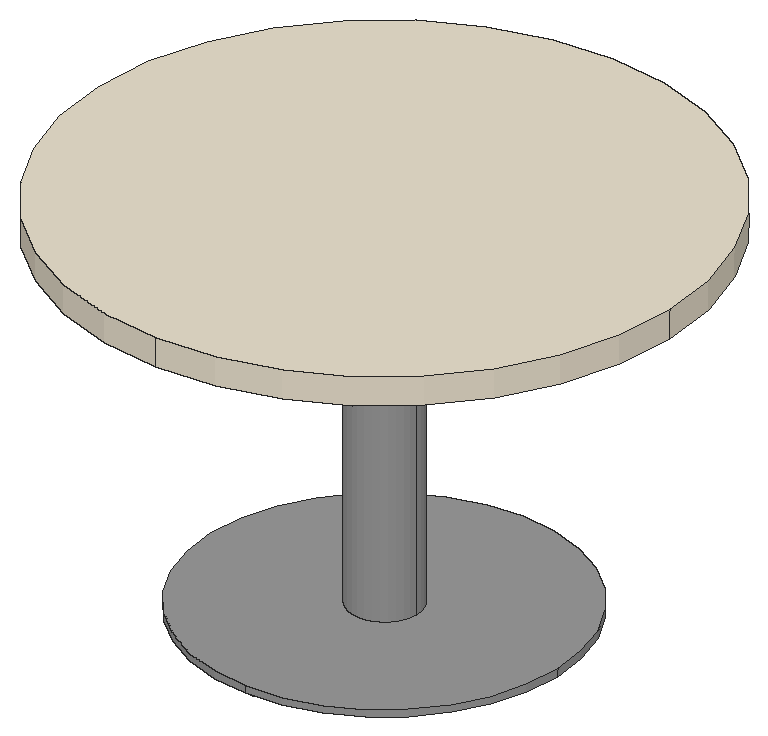
Revit family "FU_Table_Sandler_577B-XT", category Furniture, Revit 2020
Family settings
  OmniClass Number = 23.40.20.00
  OmniClass Title = General Furniture and Specialties
  Work Plane-Based = No
  Always vertical = Yes
  Cut with Voids When Loaded = No
  Shared = No
  Room Calculation Point = No
Parameters (values of type "577B XT - 28" Round Top (70cm)")
  Width = 425 mm
  URL = "https://www.sandlerseating.com/product/art-577b-xt/"
  Top Type = FU_TableTops_MT Rnd : 28" Round (70cm)
  Top Elevation = Height  # 425 mm
  Top Finish [instance] = Wood - Beech - Grey Stained
  Model = "577B XT"
  Manufacturer = "Sandler"
  Height = 425 mm
  Frame Finish [instance] = Metal - Steel - Matt-Satin
  Description = "Table base in stainless steel."
  Depth = Width  # 425 mm
  Default Elevation = 0 mm
Types (4, lengths in mm): name | Top Type | Top Finish | Frame Finish
  (no name) | FU_TableTops_MT Rnd : 28" Round (70cm) | Wood - Beech - Grey Stained | Metal - Steel - Matt-Satin
  577B XT - 24" Round Top (60cm) | FU_TableTops_MT Rnd : 24" Round (60cm) | Wood - Beech - Dark Brown Stained | Metal - Steel - Matt-Satin
  577B XT - 28" Round Top (70cm) | FU_TableTops_MT Rnd : 28" Round (70cm) | Wood - Beech - Grey Stained | Metal - Steel - Matt-Satin
  577B XT - 24" Square Top (60cm) | FU_TableTops_MT Sqr : 24" Square (60cm) | Wood - Beech - Chestnut Stained | Metal - Steel - Polished
Reference planes
  plane 1 "Center (Front/Back)": y = 0
  plane 2: z = 0
  plane 3 "Center (Left/Right)": x = 0
  plane 4 "Right": x = -212.5
  plane 5 "Left": x = 212.5
  plane 6 "Back": y = 212.5
  plane 7 "Front": y = -212.5
  plane 8 "Height": z = 425
  plane 9 "Top Support": z = 405
  plane 10 "Glide Height": z = 6
  plane 11 "Base height": z = 14
  plane 12 "R Pad C": x = -196.5
  plane 13 "B Pad C": y = 196.5
  plane 14 "L Pad C": x = 196.5
  plane 15 "F Pad C": y = -196.5
Forms (mm)
  Extrusion 1, solid, material "Metal - Steel - Matt-Satin" <- "Frame Finish"
    sketch origin (0, 0, 6) x (-1, 0, 0) y (0, -1, 0)
      loop
        arc (212.5, 0) -> (150.26, 150.26) -> (0, 212.5) r 212.5
        arc (0, 212.5) -> (-150.26, 150.26) -> (-212.5, 0) r 212.5
        arc (-212.5, 0) -> (-150.26, -150.26) -> (0, -212.5) r 212.5
        arc (0, -212.5) -> (150.26, -150.26) -> (212.5, 0) r 212.5
    from 0 to 8
  Revolve 2, solid, material "Rubber, Black"
    sketch origin (0, 0, 0) x (1, 0, 0) y (0, 0, 1)
      loop
        line (-196.5, 0) -> (-196.5, 6) -> (-204.5, 6) -> (-204.5, 2)
        arc (-204.5, 2) -> (-203.914, 0.586) -> (-202.5, 0) r 2
        line (-202.5, 0) -> (-196.5, 0)
      axis (-196.5, 6) -> (-196.5, 0)
    angle from 0 to 360
  Revolve 3, solid, material "Rubber, Black"
    sketch origin (0, 0, 0) x (-1, 0, 0) y (0, 0, 1)
      loop
        line (-196.5, 0) -> (-196.5, 6) -> (-204.5, 6) -> (-204.5, 2)
        arc (-204.5, 2) -> (-203.914, 0.586) -> (-202.5, 0) r 2
        line (-202.5, 0) -> (-196.5, 0)
      axis (-196.5, 6) -> (-196.5, 0)
    angle from 0 to 360
  Revolve 4, solid, material "Rubber, Black"
    sketch origin (0, 0, 0) x (0, 1, 0) y (0, 0, 1)
      loop
        line (-196.5, 6) -> (-204.5, 6) -> (-204.5, 2)
        arc (-204.5, 2) -> (-203.914, 0.586) -> (-202.5, 0) r 2
        line (-202.5, 0) -> (-196.5, 0) -> (-196.5, 6)
      axis (-196.5, 6) -> (-196.5, 0)
    angle from 0 to 360
  Revolve 5, solid, material "Rubber, Black"
    sketch origin (0, 0, 0) x (0, -1, 0) y (0, 0, 1)
      loop
        line (-196.5, 6) -> (-204.5, 6) -> (-204.5, 2)
        arc (-204.5, 2) -> (-203.914, 0.586) -> (-202.5, 0) r 2
        line (-202.5, 0) -> (-196.5, 0) -> (-196.5, 6)
      axis (-196.5, 6) -> (-196.5, 0)
    angle from 0 to 360
  Extrusion 6, solid, material "Metal - Steel - Matt-Satin" <- "Frame Finish"
    sketch origin (0, 0, 6) x (-1, 0, 0) y (0, -1, 0)
      loop
        circle (0, 0) r 40
    from 0 to 399
Dimensions and locks
  equal spacing: plane 4 "Right", plane 3 "Center (Left/Right)", plane 5 "Left"
  "Width": plane 4 "Right" to plane 5 "Left"
  equal spacing: plane 6 "Back", plane 1 "Center (Front/Back)", plane 7 "Front"
  "Depth": plane 6 "Back" to plane 7 "Front"
  "Height": plane 8 "Height" to level
  locked: plane 8 "Height" to plane 9 "Top Support" at 20
  locked: plane 4 "Right" to plane 12 "R Pad C" at 16
  plane 14 "L Pad C" to plane 5 "Left" = 16 mm
  locked: plane 6 "Back" to plane 13 "B Pad C" at 16
  locked: plane 15 "F Pad C" to plane 7 "Front" at 16
  aligned and locked: level to plane 2
  aligned and locked: plane 11 "Base height" to Extrusion 1
  aligned and locked: Extrusion 1 to plane 11 "Base height"  (x3)
  aligned and locked: plane 8 "Height" to nested 1
  aligned and locked: Extrusion 6 to plane 10 "Glide Height"
  aligned and locked: plane 9 "Top Support" to Extrusion 6
Automatic sketch dimensions
  Extrusion 1 sketch curve to Extrusion 1 sketch curve = 0 mm  (x12)
  plane 1 "Center (Front/Back)" to Extrusion 1 sketch curve = 0 mm
  Extrusion 1 sketch curve to plane 5 "Left" = 0 mm
  Extrusion 1 sketch curve to plane 3 "Center (Left/Right)" = 0 mm  (x3)
  Revolve 2 sketch curve to plane 10 "Glide Height" = 0 mm
  Revolve 2 sketch curve to level = 0 mm
  plane 12 "R Pad C" to Revolve 2 sketch curve = 0 mm  (x2)
  Revolve 2 sketch curve to Revolve 2 sketch curve = 6 mm
  Revolve 2 sketch curve to Revolve 2 sketch curve = 2 mm
  Revolve 2 sketch curve to level = 10.049 mm
  Revolve 2 sketch curve to plane 11 "Base height" = 2.095 mm
  Revolve 3 sketch curve to plane 10 "Glide Height" = 0 mm
  Revolve 3 sketch curve to level = 0 mm
  Revolve 3 sketch curve to plane 14 "L Pad C" = 0 mm  (x2)
  Revolve 3 sketch curve to Revolve 3 sketch curve = 6 mm
  Revolve 3 sketch curve to Revolve 3 sketch curve = 2 mm
  level to Revolve 3 sketch curve = 10.049 mm
  plane 11 "Base height" to Revolve 3 sketch curve = 2.095 mm
  Revolve 4 sketch curve to plane 10 "Glide Height" = 0 mm
  Revolve 4 sketch curve to level = 0 mm
  Revolve 4 sketch curve to plane 15 "F Pad C" = 0 mm  (x2)
  level to Revolve 4 sketch curve = 2 mm
  plane 15 "F Pad C" to Revolve 4 sketch curve = 6 mm
  Revolve 4 sketch curve to level = 5.787 mm
  Revolve 4 sketch curve to plane 11 "Base height" = 1.201 mm
  Revolve 5 sketch curve to plane 10 "Glide Height" = 0 mm
  Revolve 5 sketch curve to level = 0 mm
  Revolve 5 sketch curve to plane 13 "B Pad C" = 0 mm  (x2)
  Revolve 5 sketch curve to level = 2 mm
  Revolve 5 sketch curve to plane 13 "B Pad C" = 6 mm
  Revolve 5 sketch curve to Revolve 5 sketch curve = 5.787 mm
  plane 11 "Base height" to Revolve 5 sketch curve = 1.201 mm
  plane 1 "Center (Front/Back)" to Extrusion 6 sketch curve = 0 mm
  Extrusion 6 sketch curve to plane 3 "Center (Left/Right)" = 0 mm
  radius of Extrusion 6 sketch curve = 40 mm
Nested families
  nested 1: "MT Top Support" at (0, 0, -295), Frame Finish <- "Frame Finish", type "MT Top Support"
    with Frame Finish Metal - Steel - Matt-Satin
  nested 2: "FU_TableTops_MT Rnd" at (0, 0, 0), Top Elevation <- "Top Elevation", Top Finish <- "Top Finish", type <- "Top Type", type "28" Round (70cm)"
    with Top Finish Wood - Beech - Grey Stained, Top Elevation 425 mm
Definition of nested family "MT Top Support"
  Parameters (values of type "MT Top Support")
    Frame Finish [instance] = none
    Default Elevation = 0 mm
  Reference planes
    plane 1 "Center (Front/Back)": y = 0
    plane 2: z = 0
    plane 3 "Center (Left/Right)": x = 0
    plane 4 "Right": x = -210
    plane 5 "Left": x = 210
    plane 6 "Back": y = 210
    plane 7 "Front": y = -210
    plane 8 "Height": z = 720
    plane 9: z = 700
  Forms (mm)
    Extrusion 1, solid, material <- "Frame Finish"
      sketch origin (0, 0, 700) x (-1, 0, 0) y (0, -1, 0)
        loop
          line (48, 44.024) -> (119.736, 115.76)
          arc (119.736, 115.76) -> (116.918, 118.6) -> (114.032, 121.37) r 166.741
          line (114.032, 121.37) -> (40.38, 47.718) -> (-40.38, 47.718) -> (-114.032, 121.37)
          arc (-114.032, 121.37) -> (-116.918, 118.6) -> (-119.736, 115.76) r 166.741
          line (-119.736, 115.76) -> (-48, 44.024) -> (-48, -44.024) -> (-120.014, -116.038)
          arc (-120.014, -116.038) -> (-117.202, -118.884) -> (-114.323, -121.661) r 166.741
          line (-114.323, -121.661) -> (-40.944, -48.282) -> (40.944, -48.282) -> (114.323, -121.661)
          arc (114.323, -121.661) -> (117.202, -118.884) -> (120.014, -116.038) r 166.741
          line (120.014, -116.038) -> (48, -44.024) -> (48, 44.024)
      from 0 to 15
    Extrusion 2, solid, material <- "Frame Finish"
      sketch origin (0, 0, 720) x (-1, 0, 0) y (0, -1, 0)
        loop
          arc (48, 9.198) -> (50.194, 20.46) -> (56.455, 30.074) r 30
          line (56.455, 30.074) -> (155.027, 131.809)
          arc (155.027, 131.809) -> (157.282, 137.439) -> (154.939, 143.033) r 8
          line (154.939, 143.033) -> (142.122, 155.85)
          arc (142.122, 155.85) -> (136.465, 158.193) -> (130.808, 155.85) r 8
          line (130.808, 155.85) -> (32.027, 57.069)
          arc (32.027, 57.069) -> (22.294, 50.566) -> (10.814, 48.282) r 30
          line (10.814, 48.282) -> (-10.814, 48.282)
          arc (-10.814, 48.282) -> (-22.294, 50.566) -> (-32.027, 57.069) r 30
          line (-32.027, 57.069) -> (-130.808, 155.85)
          arc (-130.808, 155.85) -> (-136.465, 158.193) -> (-142.122, 155.85) r 8
          line (-142.122, 155.85) -> (-154.939, 143.033)
          arc (-154.939, 143.033) -> (-157.282, 137.439) -> (-155.027, 131.809) r 8
          line (-155.027, 131.809) -> (-56.455, 30.074)
          arc (-56.455, 30.074) -> (-50.194, 20.46) -> (-48, 9.198) r 30
          line (-48, 9.198) -> (-48, -9.198)
          arc (-48, -9.198) -> (-50.194, -20.46) -> (-56.455, -30.074) r 30
          line (-56.455, -30.074) -> (-155.027, -131.809)
          arc (-155.027, -131.809) -> (-157.282, -137.439) -> (-154.939, -143.033) r 8
          line (-154.939, -143.033) -> (-142.122, -155.85)
          arc (-142.122, -155.85) -> (-136.465, -158.193) -> (-130.808, -155.85) r 8
          line (-130.808, -155.85) -> (-32.027, -57.069)
          arc (-32.027, -57.069) -> (-22.294, -50.566) -> (-10.814, -48.282) r 30
          line (-10.814, -48.282) -> (10.814, -48.282)
          arc (10.814, -48.282) -> (22.294, -50.566) -> (32.027, -57.069) r 30
          line (32.027, -57.069) -> (130.808, -155.85)
          arc (130.808, -155.85) -> (136.465, -158.193) -> (142.122, -155.85) r 8
          line (142.122, -155.85) -> (154.939, -143.033)
          arc (154.939, -143.033) -> (157.282, -137.439) -> (155.027, -131.809) r 8
          line (155.027, -131.809) -> (56.455, -30.074)
          arc (56.455, -30.074) -> (50.194, -20.46) -> (48, -9.198) r 30
          line (48, -9.198) -> (48, 9.198)
        loop
          line (-134.399, -141.055) -> (-124.502, -131.158)
          arc (-124.502, -131.158) -> (-124.502, -125.502) -> (-130.158, -125.502) r 3.999
          line (-130.158, -125.502) -> (-140.055, -135.399)
          arc (-140.055, -135.399) -> (-140, -141.001) -> (-134.399, -141.055) r 4
        loop
          arc (134.399, -141.055) -> (140, -141.001) -> (140.055, -135.399) r 4
          line (140.055, -135.399) -> (130.158, -125.502)
          arc (130.158, -125.502) -> (124.502, -125.502) -> (124.502, -131.158) r 3.999
          line (124.502, -131.158) -> (134.399, -141.055)
        loop
          arc (-134.399, 141.055) -> (-140, 141.001) -> (-140.055, 135.399) r 4
          line (-140.055, 135.399) -> (-130.158, 125.502)
          arc (-130.158, 125.502) -> (-124.502, 125.502) -> (-124.502, 131.158) r 3.999
          line (-124.502, 131.158) -> (-134.399, 141.055)
        loop
          line (134.399, 141.055) -> (124.502, 131.158)
          arc (124.502, 131.158) -> (124.502, 125.502) -> (130.158, 125.502) r 3.999
          line (130.158, 125.502) -> (140.055, 135.399)
          arc (140.055, 135.399) -> (140, 141.001) -> (134.399, 141.055) r 4
        loop
          circle (0, 0) r 7.5
      from -10 to 0
  Dimensions and locks
    equal spacing: plane 4 "Right", plane 3 "Center (Left/Right)", plane 5 "Left"
    plane 4 "Right" to plane 5 "Left" = 420 mm
    equal spacing: plane 6 "Back", plane 1 "Center (Front/Back)", plane 7 "Front"
    plane 6 "Back" to plane 7 "Front" = 420 mm
    plane 8 "Height" to level = 720 mm
    locked: plane 8 "Height" to plane 9 at 20
    aligned and locked: level to plane 2
  Automatic sketch dimensions
    plane 1 "Center (Front/Back)" to Extrusion 2 sketch curve = 0 mm
    Extrusion 2 sketch curve to plane 3 "Center (Left/Right)" = 0 mm
    plane 3 "Center (Left/Right)" to Extrusion 2 sketch curve = 10.814 mm  (x2)
    Extrusion 2 sketch curve to Extrusion 2 sketch curve = 21.213 mm  (x4)
    plane 1 "Center (Front/Back)" to Extrusion 2 sketch curve = 9.198 mm  (x2)
    plane 3 "Center (Left/Right)" to Extrusion 2 sketch curve = 48 mm
    Extrusion 2 sketch curve to plane 1 "Center (Front/Back)" = 30.074 mm  (x2)
    Extrusion 2 sketch curve to Extrusion 2 sketch curve = 8.455 mm  (x4)
    plane 1 "Center (Front/Back)" to Extrusion 2 sketch curve = 30.074 mm  (x2)
    Extrusion 2 sketch curve to plane 1 "Center (Front/Back)" = 9.198 mm  (x2)
    plane 5 "Left" to Extrusion 2 sketch curve = 85.498 mm  (x2)
    Extrusion 2 sketch curve to Extrusion 2 sketch curve = 2.828 mm  (x12)
    Extrusion 2 sketch curve to Extrusion 2 sketch curve = 6.306 mm  (x4)
    Extrusion 2 sketch curve to Extrusion 2 sketch curve = 9.897 mm  (x8)
    Extrusion 2 sketch curve to Extrusion 2 sketch curve = 5.657 mm  (x16)
    Extrusion 2 sketch curve to Extrusion 2 sketch curve = 2.773 mm  (x8)
    Extrusion 2 sketch curve to Extrusion 2 sketch curve = 2.883 mm  (x4)
    Extrusion 2 sketch curve to Extrusion 2 sketch curve = 9.227 mm  (x4)
    Extrusion 2 sketch curve to Extrusion 2 sketch curve = 5.745 mm  (x4)
    Extrusion 2 sketch curve to plane 3 "Center (Left/Right)" = 10.814 mm  (x2)
    Extrusion 2 sketch curve to plane 3 "Center (Left/Right)" = 48 mm
    Extrusion 2 sketch curve to plane 1 "Center (Front/Back)" = 48.282 mm
    Extrusion 2 sketch curve to Extrusion 2 sketch curve = 8.787 mm  (x4)
    Extrusion 2 sketch curve to plane 6 "Back" = 84.498 mm  (x2)
    Extrusion 2 sketch curve to Extrusion 2 sketch curve = 6.307 mm  (x4)
    Extrusion 2 sketch curve to Extrusion 2 sketch curve = 5.567 mm  (x4)
    Extrusion 2 sketch curve to Extrusion 2 sketch curve = 9.138 mm  (x4)
    plane 1 "Center (Front/Back)" to Extrusion 2 sketch curve = 48.282 mm
    plane 7 "Front" to Extrusion 2 sketch curve = 84.498 mm  (x2)
    Extrusion 1 sketch curve to Extrusion 1 sketch curve = 0 mm  (x12)
    Extrusion 1 sketch curve to plane 3 "Center (Left/Right)" = 0 mm
    plane 3 "Center (Left/Right)" to Extrusion 1 sketch curve = 40.38 mm
    plane 3 "Center (Left/Right)" to Extrusion 1 sketch curve = 40.944 mm
    Extrusion 1 sketch curve to Extrusion 1 sketch curve = 7.056 mm  (x2)
    plane 5 "Left" to Extrusion 1 sketch curve = 95.968 mm
    plane 5 "Left" to Extrusion 1 sketch curve = 95.677 mm
    Extrusion 1 sketch curve to Extrusion 1 sketch curve = 5.704 mm  (x2)
    Extrusion 1 sketch curve to Extrusion 1 sketch curve = 5.691 mm  (x2)
    Extrusion 1 sketch curve to plane 3 "Center (Left/Right)" = 40.38 mm
    Extrusion 1 sketch curve to plane 3 "Center (Left/Right)" = 40.944 mm
    Extrusion 1 sketch curve to plane 6 "Back" = 88.339 mm  (x2)
    Extrusion 1 sketch curve to Extrusion 1 sketch curve = 5.623 mm
    Extrusion 1 sketch curve to plane 1 "Center (Front/Back)" = 48.282 mm
    Extrusion 1 sketch curve to Extrusion 1 sketch curve = 4.258 mm  (x2)
    plane 1 "Center (Front/Back)" to Extrusion 1 sketch curve = 44.024 mm  (x2)
    Extrusion 1 sketch curve to Extrusion 1 sketch curve = 3.693 mm
    plane 7 "Front" to Extrusion 1 sketch curve = 94.24 mm  (x2)
    Extrusion 1 sketch curve to plane 4 "Right" = 95.968 mm
    Extrusion 1 sketch curve to plane 4 "Right" = 95.677 mm
    Extrusion 2 sketch curve to plane 4 "Right" = 85.498 mm  (x2)
    radius of Extrusion 2 sketch curve = 7.5 mm
Definition of nested family "FU_TableTops_MT Rnd"
  Parameters (values of type "36" Round (90cm)")
    Width = 900 mm
    Top Finish [instance] = none
    Top Elevation [instance] = 1100 mm
    Depth = Width  # 900 mm
    Default Elevation = 0 mm
  Types (4, lengths in mm): name | Width | Depth
    24" Round (60cm) | 600 | 600
    28" Round (70cm) | 700 | 700
    32" Round (80cm) | 800 | 800
    36" Round (90cm) | 900 | 900
  Reference planes
    plane 1 "Center (Front/Back)": y = 0
    plane 2: z = 0
    plane 3 "Center (Left/Right)": x = 0
    plane 4 "Right": x = -450
    plane 5 "Left": x = 450
    plane 6 "Back": y = 450
    plane 7 "Front": y = -450
    plane 8 "Elevation": z = 1100
    plane 9 "Top Height": z = 1131.75
  Forms (mm)
    Extrusion 1, solid, material <- "Top Finish"
      sketch origin (0, 0, 1100) x (-1, 0, 0) y (0, -1, 0)
        loop
          arc (0, -450) -> (318.198, -318.198) -> (450, 0) r 450
          arc (450, 0) -> (318.198, 318.198) -> (0, 450) r 450
          arc (0, 450) -> (-318.198, 318.198) -> (-450, 0) r 450
          arc (-450, 0) -> (-318.198, -318.198) -> (0, -450) r 450
      from 0 to 31.75
  Dimensions and locks
    equal spacing: plane 4 "Right", plane 3 "Center (Left/Right)", plane 5 "Left"
    "Width": plane 4 "Right" to plane 5 "Left"
    equal spacing: plane 6 "Back", plane 1 "Center (Front/Back)", plane 7 "Front"
    "Depth": plane 6 "Back" to plane 7 "Front"
    "Top Elevation": plane 8 "Elevation" to level
    locked: plane 9 "Top Height" to plane 8 "Elevation" at 31.75
    aligned and locked: level to plane 2
    aligned and locked: plane 9 "Top Height" to Extrusion 1
  Automatic sketch dimensions
    Extrusion 1 sketch curve to Extrusion 1 sketch curve = 0 mm  (x7)
    plane 1 "Center (Front/Back)" to Extrusion 1 sketch curve = 0 mm  (x2)
    Extrusion 1 sketch curve to plane 5 "Left" = 0 mm
    Extrusion 1 sketch curve to plane 3 "Center (Left/Right)" = 0 mm  (x3)
    Extrusion 1 sketch curve to plane 6 "Back" = 0 mm
